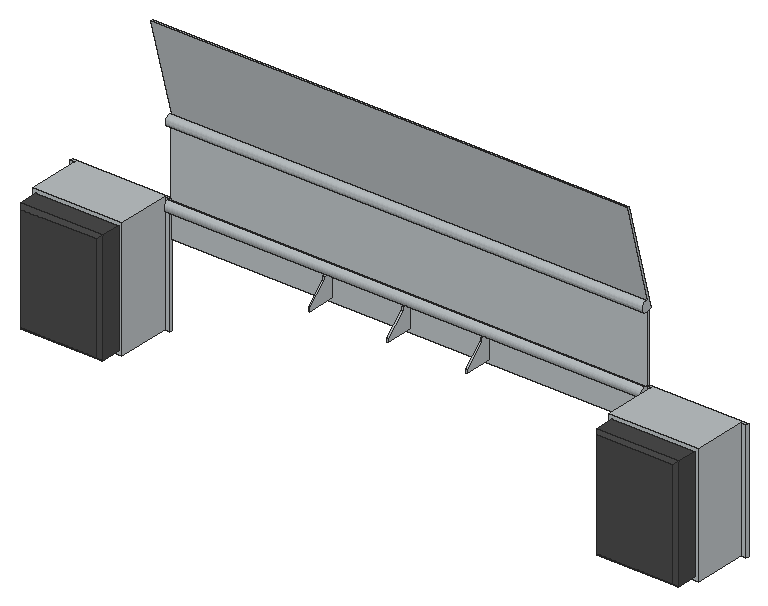
Revit family "DockEquipment_Leveler_Pentalift_EDML", category Specialty Equipment, host Face, Revit 2024
Family settings
  Host = Face
  Round Connector Dimension = Use Diameter
  Part Type = Normal
  Enable Cutting in Views = No
  Cut with Voids When Loaded = No
  Maintain Annotation Orientation = No
  Shared = No
  Room Calculation Point = No
Parameters
  Warranty Duration (Years) = 0
  Unit Width = 6' - 0"
  Unit Depth = 1' - 6"
  URL = "http://www.pentalift.com/index.php"
  Test Data = ""
  Specification = ""
  SpecWizard = ""
  Send Message = "http://www.arcat.com/users.pl?action=UserEmail&company=Pentalift Equipment Corp.&coid=34752&rep=119&fax=519-763-2894&mf="
  Sales Information = "http://www.pentalift.com/about-us.htm"
  Revision = "R1_1_2012"
  Product Properties = ""
  Product Data = "http://www.arcat.com/arcatcos/cos34/arc34752.html"
  Pit Length = 1' - 0"
  Platform Length = 0' - 11 1/2"
  Model = "As Specified"
  Material = Metal - Steel - Pentalift - Painted - Gray
  Manufacturer Website = "http://www.pentalift.com/index.php"
  Manufacturer Phone - Toll Free = ""
  Manufacturer Phone = "519-763-3625"
  Manufacturer Fax = "519-763-2894"
  Manufacturer Address = "21 Nicholas Beaver Rd. Guelph, ON, Canada N1H 6H9 "
  Manufacturer = "Pentalift Equipment Corp."
  Maintenance Schedule (Months) = 0
  Lip Length [instance] = 1' - 4"
  Lip Angle [instance] = 0.00°
  Keynote = "11160"
  Installation-Fabrication = ""
  Installation Phase = ""
  Incline Angle [instance] = 90.00°
  Green Building-LEED = ""
  Pit Extension Right [instance] = 1' - 3"
  Pit Extension Left [instance] = 1' - 3"
  Expected Lifespan (Years) = 0
  Drawn By = "Sumex Design, Inc. / Robert S. Weygant, CSI, CDT, SCIP"
  Description = "Pentalift Dock Equipment as Specified"
  Default Elevation = 4' - 0"
  Copyright = "©Arcat Inc."
  Construction Details = "http://www.arcat.com/details/pentalif/pentalif.html?coid=34752"
  Capacity (Weight) = 100.00 kip
  Building Codes = ""
  Assembly Code = "E1030300"
Reference planes (in)
  plane 1 "Center (Front/Back)": y = 0
  plane 2: z = 0
  plane 3 "Center (Left/Right)": x = 0
  plane 4: y = 6
  plane 5: y = -6
  plane 6: x = -36
  plane 7: x = 36
  plane 8: z = -18
  plane 9: x = -12
  plane 10: x = 12
  plane 11: y = 0
  plane 12: z = -16.5
  plane 13: z = -14
  plane 14: x = -51
  plane 15: x = 51
Forms (in)
  Extrusion 1, void
    sketch origin (0, 0, 0) x (1, 0, 0) y (0, 1, 0)
      loop
        line (-51, -6) -> (51, -6) -> (51, 6) -> (-51, 6) -> (-51, -6)
    from 0 to -18
  Extrusion 2, solid, material "Metal - Steel - Pentalift - Painted - Gray" <- "Material"
    sketch origin (-11.83813, 6, 48) x (-1, 0, 0) y (0, 0, 1)
      loop
        line (24.16187, -49.5) -> (-47.83813, -49.5) -> (-47.83813, -53.5) -> (24.16187, -53.5) -> (24.16187, -49.5)
    from 0 to -0.25
  Extrusion 3, solid, material "Metal - Steel - Pentalift - Painted - Gray" <- "Material"
    sketch origin (12, 60, 48) x (0, 1, 0) y (0, 0, 1)
      loop
        line (-54.25, -53) -> (-54.25, -49.5) -> (-55.5, -49.5) -> (-55.5, -50) -> (-58.28679, -52.50924) -> (-58.28679, -53) -> (-54.25, -53)
    from 0 to -0.25
  Extrusion 4, solid, material "Metal - Steel - Pentalift - Painted - Gray" <- "Material"
    sketch origin (-12, 60, 48) x (0, 1, 0) y (0, 0, 1)
      loop
        line (-54.25, -53) -> (-54.25, -49.5) -> (-55.5, -49.5) -> (-55.5, -50) -> (-58.28679, -52.50924) -> (-58.28679, -53) -> (-54.25, -53)
    from 0 to 0.25
  Extrusion 5, solid, material "Metal - Steel - Pentalift - Painted - Gray" <- "Material"
    sketch origin (0, 0, 0) x (1, 0, 0) y (0, 1, 0)
      loop
        line (-51, 6) -> (-51, 5.5) -> (-50.25, 5.5) -> (-50.25, -2.5) -> (-36.75, -2.5) -> (-36.75, 5.5) -> (-36, 5.5) -> (-36, 6) -> (-51, 6)
      loop
        line (51, 6) -> (36, 6) -> (36, 5.5) -> (36.75, 5.5) -> (36.75, -2.5) -> (50.25, -2.5) -> (50.25, 5.5) -> (51, 5.5) -> (51, 6)
    from 0 to -18
  Sweep 6, solid, material "Rubber - Pentalift - Black"
    path in 3D
      loop
        line (-36.75, -2.5, 0) -> (-36.75, -2.5, -18) -> (-50.25, -2.5, -18) -> (-50.25, -2.5, 0) -> (-36.75, -2.5, 0)
    profile origin (-43.5, -2.5, 0) x (0, 1, 0) y (0, 0, 1)
      loop
        line (0, -0.5) -> (-3, -0.5) -> (-3.5, -1) -> (-3.5, -3) -> (0, -3) -> (0, -0.5)
  Sweep 7, solid, material "Rubber - Pentalift - Black"
    path in 3D
      loop
        line (50.25, -2.5, 0) -> (50.25, -2.5, -18) -> (36.75, -2.5, -18) -> (36.75, -2.5, 0) -> (50.25, -2.5, 0)
    profile origin (43.5, -2.5, 0) x (0, 1, 0) y (0, 0, 1)
      loop
        line (0, -0.5) -> (-3, -0.5) -> (-3.5, -1) -> (-3.5, -3) -> (0, -3) -> (0, -0.5)
  Extrusion 8, solid, material "Rubber - Pentalift - Black"
    sketch origin (-36.75, -2.5, 0) x (-1, 0, 0) y (0, 0, -1)
      loop
        line (10.5, 3) -> (10.5, 15) -> (3, 15) -> (3, 3) -> (10.5, 3)
      loop
        line (-76.5, 15) -> (-84, 15) -> (-84, 3) -> (-76.5, 3) -> (-76.5, 15)
    from 0 to 3.5
  Extrusion 9, solid, material "Metal - Steel - Pentalift - Painted - Gray" <- "Material"
    sketch origin (0, 0, 0) x (0, 1, 0) y (0, 0, 1)
      loop
        line (5.75, -5) -> (5.75, -1.5) -> (4.5, -1.5) -> (4.5, -2) -> (1.71321, -4.50924) -> (1.71321, -5) -> (5.75, -5)
    from 0.125 to -0.125
Cuts and joins
  joined: Extrusion 2, Extrusion 3, Extrusion 4
  joined: Sweep 6, Sweep 7, Extrusion 8
Lines and regions (in)
  reference lines
    curve 1: line (0, 5.25, -0.75) -> (0, 5.25, 75.25)
  sketch lines
    curve 2: line (-50.25, -2.5, 0) -> (-36.75, -2.5, 0)
    curve 3: line (-36.75, -2.5, 0) -> (-36.75, -2.5, -18)
    curve 4: line (-36.75, -2.5, -18) -> (-50.25, -2.5, -18)
    curve 5: line (-50.25, -2.5, 0) -> (-50.25, -2.5, -18)
    curve 6: line (36.75, -2.5, 0) -> (50.25, -2.5, 0)
    curve 7: line (36.75, -2.5, 0) -> (36.75, -2.5, -18)
    curve 8: line (50.25, -2.5, -18) -> (36.75, -2.5, -18)
    curve 9: line (50.25, -2.5, 0) -> (50.25, -2.5, -18)
Dimensions and locks (in)
  "Unit Depth": level to plane 8
  equal spacing: plane 4, plane 1 "Center (Front/Back)", plane 5
  equal spacing: plane 6, plane 3 "Center (Left/Right)", plane 7
  "Unit Width": plane 6 to plane 7
  equal spacing: plane 6, plane 9, plane 10, plane 7
  locked: plane 4 to plane 11 at 6
  locked: plane 12 to plane 8 at 1.5
  locked: plane 13 to plane 12 at 2.5
  "Pit Length": plane 4 to plane 5
  "Pit Extension Right": plane 7 to plane 15
  "Pit Extension Left": plane 14 to plane 6
  locked: plane 4 to curve 1 at 0.75
  locked: level to curve 1 at 0.75
  plane 15 to Extrusion 8 sketch curve to Extrusion 8 sketch curve = 0' - 3 3/4" locked, 0' - 7 1/2" locked
  "Incline Angle": angle level to curve 1
  aligned and locked: plane 2 to host face
  aligned and locked: level to host face
  aligned and locked: Extrusion 1 to plane 8
  aligned and locked: Extrusion 5 to plane 8
Automatic sketch dimensions
  host sketch curve to host sketch curve = 9' - 9.36358"
  host sketch curve to host sketch curve = 2' - 5.73628"
  Extrusion 1 sketch curve to plane 4 = 0' - 0"
  Extrusion 1 sketch curve to plane 14 = 0' - 0"
  Extrusion 1 sketch curve to plane 5 = 0' - 0"
  Extrusion 1 sketch curve to plane 15 = 0' - 0"
  Extrusion 2 sketch curve to level = 0' - 1 1/2"
  Extrusion 2 sketch curve to Extrusion 2 sketch curve = 0' - 4"
  Extrusion 2 sketch curve to plane 7 = 0' - 0"
  Extrusion 3 sketch curve to plane 1 "Center (Front/Back)" = 0' - 1.71321"
  Extrusion 3 sketch curve to plane 4 = 0' - 1 1/2"
  Extrusion 3 sketch curve to plane 4 = 0' - 0 1/4"
  Extrusion 3 sketch curve to level = 0' - 5"
  Extrusion 3 sketch curve to Extrusion 3 sketch curve = 0' - 0.49076"
  Extrusion 3 sketch curve to level = 0' - 2"
  Extrusion 3 sketch curve to Extrusion 3 sketch curve = 0' - 0 1/2"
  Extrusion 4 sketch curve to plane 1 "Center (Front/Back)" = 0' - 1.71321"
  Extrusion 4 sketch curve to plane 4 = 0' - 1 1/2"
  Extrusion 4 sketch curve to plane 4 = 0' - 0 1/4"
  Extrusion 4 sketch curve to level = 0' - 5"
  Extrusion 4 sketch curve to Extrusion 4 sketch curve = 0' - 0.49076"
  Extrusion 4 sketch curve to level = 0' - 2"
  Extrusion 4 sketch curve to Extrusion 4 sketch curve = 0' - 0 1/2"
  Extrusion 5 sketch curve to plane 4 = 0' - 0"  (x2)
  Extrusion 5 sketch curve to plane 14 = 0' - 0"
  Extrusion 5 sketch curve to plane 6 = 0' - 0"
  Extrusion 5 sketch curve to plane 7 = 0' - 0"
  Extrusion 5 sketch curve to plane 15 = 0' - 0"
  plane 14 to Extrusion 5 sketch curve = 0' - 0 3/4"
  Extrusion 5 sketch curve to plane 6 = 0' - 0 3/4"
  plane 7 to Extrusion 5 sketch curve = 0' - 0 3/4"
  Extrusion 5 sketch curve to plane 15 = 0' - 0 3/4"
  Extrusion 5 sketch curve to plane 4 = 0' - 0 1/2"  (x3)
  Extrusion 5 sketch curve to Extrusion 5 sketch curve = 0' - 0 1/2"
  plane 1 "Center (Front/Back)" to Extrusion 5 sketch curve = 0' - 2 1/2"  (x2)
  Sweep 6 sketch curve to profile plane = 0' - 0"
  Sweep 6 sketch curve to profile plane = 0' - 0 1/2"
  profile plane to Sweep 6 sketch curve = 0' - 3"
  Sweep 6 sketch curve to Sweep 6 sketch curve = 0' - 0 1/2"  (x2)
  Sweep 6 sketch curve to profile plane = 0' - 3"
  Sweep 7 sketch curve to profile plane = 0' - 0"
  Sweep 7 sketch curve to profile plane = 0' - 0 1/2"
  profile plane to Sweep 7 sketch curve = 0' - 3"
  Sweep 7 sketch curve to Sweep 7 sketch curve = 0' - 0 1/2"  (x2)
  Sweep 7 sketch curve to Sweep 7 sketch curve = 0' - 2 1/2"
  Extrusion 5 to Extrusion 8 sketch curve = 0' - 3"  (x5)
  Extrusion 8 sketch curve to Extrusion 5 = 0' - 3"
  Extrusion 2 sketch curve to plane 6 = 0' - 0"
  Extrusion 9 sketch curve to plane 1 "Center (Front/Back)" = 0' - 1.71321"
  Extrusion 9 sketch curve to plane 4 = 0' - 1 1/2"
  Extrusion 9 sketch curve to plane 4 = 0' - 0 1/4"
  Extrusion 9 sketch curve to level = 0' - 5"
  Extrusion 9 sketch curve to Extrusion 9 sketch curve = 0' - 0.49076"
  Extrusion 9 sketch curve to level = 0' - 2"
  Extrusion 9 sketch curve to Extrusion 9 sketch curve = 0' - 0 1/2"
Nested families (in)
  nested 1: "Platform_EOD" at (0, 5.25, 4.25) x (1, 0, 0) z (0, 1, 0), Material <- "Material", Unit Width <- "Unit Width", Unit Length <- "Platform Length", Lip Length <- "Lip Length", Lip Angle <- "Lip Angle", type "Platform_EOD"
    with offset 0' - 0", ll 1' - 3 1/4", Unit Width 6' - 0", Unit Length 0' - 11 1/2", Material Metal - Steel - Pentalift - Painted - Gray, Lip Length 1' - 4", Lip Angle 0.00°
Definition of nested family "Platform_EOD"
  Parameters
    offset [instance] = 0' - 0"
    ll [instance] = Lip Length - 0' 0 3/4"  # 1' - 3 1/4"
    Warranty Duration (Years) = 0
    Unit Width [instance] = 6' - 0"
    Unit Length [instance] = 0' - 11 1/2"
    Unit Depth = 0' - 6 1/4"
    URL = "http://www.pentalift.com/index.php"
    Specification = ""
    SpecWizard = ""
    Send Message = "http://www.arcat.com/users.pl?action=UserEmail&company=Pentalift Equipment Corp.&coid=34752&rep=119&fax=519-763-2894&mf="
    Sales Information = "http://www.pentalift.com/about-us.htm"
    Revision = "R1_01-2012"
    Product Properties = ""
    Product Data = "http://www.arcat.com/arcatcos/cos34/arc34752.html"
    Model = "As Specified"
    Material [instance] = none
    Manufacturer Website = "http://www.pentalift.com/index.php"
    Manufacturer Phone - Toll Free = ""
    Manufacturer Phone = "519-763-3625 "
    Manufacturer Fax = "519-763-2894"
    Manufacturer Address = "21 Nicholas Beaver Rd. Guelph, ON, Canada N1H 6H9 "
    Manufacturer = "Pentalift Equipment Corp."
    Maintenance Schedule (Months) = 0
    Lip Length [instance] = 1' - 4"
    Lip Angle [instance] = 15.00°
    Keynote = "11160"
    Installation-Fabrication = ""
    Installation Phase = ""
    Green Building-LEED = ""
    Expected Lifespan (Years) = 0
    Drawn By = "Sumex Design, Inc. / Robert S. Weygant, CSI, CDT, SCIP"
    Description = "Pentalift Dock Equipment as Specified"
    Default Elevation = 4' - 0"
    Copyright = "©Arcat Inc."
    Construction Details = "http://www.arcat.com/details/pentalif/pentalif.html?coid=34752"
    Assembly Code = "E1030300"
  Reference planes (in)
    plane 1 "Center (Front/Back)": y = 0
    plane 2 "Bottom": z = 0
    plane 3 "Center (Left/Right)": x = 0
    plane 4 "Front": y = -5.75
    plane 5 "Back": y = 5.75
    plane 6 "Left": x = -36
    plane 7 "Right": x = 36
    plane 8: y = -6.5
    plane 9: x = -28
    plane 10: x = -20
    plane 11: x = -12
    plane 12: x = -4
    plane 13: x = 4
    plane 14: x = 12
    plane 15: x = 20
    plane 16: x = 28
    plane 17: z = 0.75
    plane 18: y = 5
  Forms (in)
    Extrusion 1, solid, material <- "Material"
      sketch origin (0, 67, 0.75) x (0, 1, 0) y (-1, 0, 0)
        loop
          line (-61.5904, 36) -> (-72.75, 36) -> (-72.75, -36) -> (-61.5904, -36) -> (-61.5904, 36)
      from 0 to -0.25
    Extrusion 2, solid, material <- "Material"
      sketch origin (0, -6.5, 0.25) x (0, -0.965926, -0.258819) y (0, 0.258819, -0.965926)
        loop
          line (-0.75, -0.75) -> (15.25, -0.75) -> (15.25, -0.5) -> (0.55902, -0.5)
          arc (0.55902, -0.5) -> (0, 0.75) -> (-0.55902, -0.5) r 0.75
          line (-0.55902, -0.5) -> (-0.75, -0.5) -> (-0.75, -0.75)
      from -36 to 36
    Extrusion 3, solid, material <- "Material"
      sketch origin (-36, 16.34522, 48) x (0, 1, 0) y (0, 0, 1)
        loop
          circle (-11.34522, -48) r 0.75
      from 0 to 72
  Cuts and joins
    joined: Extrusion 1, Extrusion 3
  Lines and regions (in)
    reference lines
      curve 1: line (0, -6.5, 0.25) -> (0, -31.61407, -6.4793)
      curve 2: line (0, -6.5, 0.25) -> (0, -7.08234, 2.42333)
  Dimensions and locks (in)
    equal spacing: plane 6 "Left", plane 3 "Center (Left/Right)", plane 7 "Right"
    "Unit Width": plane 6 "Left" to plane 7 "Right"
    equal spacing: plane 5 "Back", plane 1 "Center (Front/Back)", plane 4 "Front"
    "Unit Length": plane 5 "Back" to plane 4 "Front"
    locked: plane 4 "Front" to plane 8 at 0.75
    equal spacing: plane 6 "Left", plane 9, plane 10, plane 11, plane 12, plane 13, plane 14, plane 15, plane 16, plane 7 "Right"
    locked: curve 1 to level at 0.25
    "ll": Extrusion 2 sketch curve to curve 2
    locked: curve 2 to Extrusion 2 sketch curve at 0.75
    locked: plane 17 to level at 0.75
    locked: plane 5 "Back" to plane 18 at 0.75
    aligned and locked: Extrusion 2 to plane 6 "Left"
    aligned and locked: plane 7 "Right" to Extrusion 2
    aligned and locked: plane 7 "Right" to Extrusion 3
  Automatic sketch dimensions
    curve 2 to curve 1 = 0' - 0"  (x2)
    curve 2 to curve 1 = 0' - 2 1/4"
    Extrusion 2 sketch curve to curve 1 = 0' - 0"  (x2)
    curve 1 to Extrusion 2 sketch curve = 0' - 0 1/2"
    curve 1 to Extrusion 2 sketch curve = 0' - 0 3/4"
    Extrusion 2 sketch curve to Extrusion 2 sketch curve = 0' - 0 1/4"
    Extrusion 2 sketch curve to Extrusion 2 sketch curve = 0' - 0"
    curve 1 to plane 8 = 0' - 0"
    plane 8 to curve 1 = 2' - 1.11407"
    Extrusion 1 sketch curve to plane 4 "Front" = 0' - 0"
    Extrusion 1 sketch curve to plane 5 "Back" = 0' - 0.3404"
    Extrusion 1 sketch curve to plane 7 "Right" = 0' - 0"
    Extrusion 1 sketch curve to plane 6 "Left" = 0' - 0"
    Extrusion 3 sketch curve to level = 0' - 0"
    Extrusion 3 sketch curve to plane 18 = 0' - 0"
    curve 1 to level = 0' - 6.4793"
    radius of Extrusion 2 sketch curve = 0' - 0 3/4"
    radius of Extrusion 3 sketch curve = 0' - 0 3/4"
